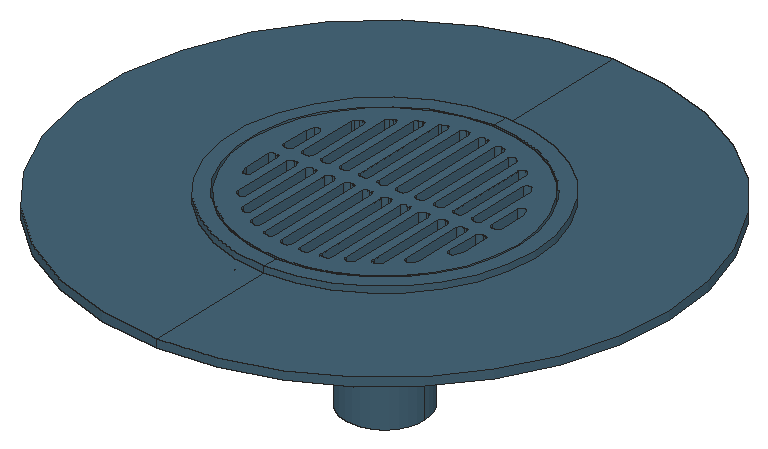
Revit family "Drain_Floor_Deck_9_Inch_Round-Zurn-Z530-Wide-Flange-Medium-Duty", category Plumbing Fixtures, Revit 2022
Family settings
  Round Connector Dimension = Use Radius
  Part Type = Normal
  OmniClass Number = 23.70.50.21.24.14
  OmniClass Title = Deck Waste Water Drains
  Work Plane-Based = No
  Always vertical = Yes
  Cut with Voids When Loaded = No
  Maintain Annotation Orientation = No
  Shared = No
  Room Calculation Point = No
Parameters (values of type "Load Family Type Catalog")
  Wide flange Deck Diameter = 9.000"
  Waste Connection = 1 = 1  # yes
  WFU = 0  # constant formula
  Vent Connection = 1 = 0  # no
  URL = "www.zurn.com"
  Type Comments = "Z530-2 Inch Inside Caulk Outlet"
  Top Diameter = 17.000"
  Product data URL = "https://www.bimobject.com/en-in/zurnindustries/product/zurn-z530"
  Product Page URL = "https://www.zurn.com/products/drainage-interceptors/floor-drains/finish-floor-drains/z530"
  Product Documentation Link = "https://files.zurn.com/spec-sheets/z530.pdf"
  Pipe Size_A Outer Diameter = 2.375"
  Modified Date = "12/19/2025"  # constant formula
  Model = "Z530"
  Manufacturer Brand = "Zurn"  # constant formula
  Manufacturer = "Zurn Water, LLC"  # constant formula
  Main Material = Iron - Zurn -Cast - Painted - Blue
  HWFU = 1  # constant formula
  HW Connection = 1 = 0  # no
  Grate Open Area Sq.in = 18.000"
  Description = "9 [229] MEDIUM-DUTY WIDE FLANGE DECK DRAIN"  # constant formula
  Date Created = "11/13/2018"  # constant formula
  CWFU = 0  # constant formula
  CW Connection = 1 = 0  # no
  Body Height_E = 5.500"
  Default Elevation = 20.000"  # constant formula
  Pipe Size_A Inside Diameter = 2.067"
  Connector Radius = Pipe Size_A Nominal Diameter / 2  # 1.000"
  Pipe Size_A Nominal Diameter = 2.000"
  Assembly Code = "D2030300"
  Approx. Wt. Lbs. = 49.000"
Reference planes (in)
  plane 1 "Center (Front/Back)": y = 0
  plane 2: z = 0
  plane 3 "Center (Left/Right)": x = 0
  plane 4: z = -3.08001
  plane 5: z = -0.1875
  plane 6: z = -0.1875
  plane 7: z = -5.6875
  plane 8: y = -7.5
  plane 9: y = 7.5
  plane 10: x = 6.25
  plane 11 "Outlet Plane_1": x = -1.1875
  plane 12 "outlet Plane_2": x = 1.1875
  plane 13: y = 5.4375
  plane 14: y = 5
  plane 15: y = 2.5
  plane 16: y = -2.5
  plane 17: y = -5
  plane 18: y = -6.25
  plane 19: y = 3.75
  plane 20: y = 6.25
  plane 21: y = -3.75
  plane 22: y = 1.25
  plane 23: y = -1.25
  plane 24: y = 1.1875
  plane 25: y = -1.1875
  plane 26: x = -6.25
  plane 27: x = -5
  plane 28: x = -2.5
  plane 29: x = 0
  plane 30: x = 1.25
  plane 31: x = 3.75
  plane 32: x = 5
  plane 33: x = 2.5
  plane 34: x = -3.75
  plane 35: x = -1.25
  plane 36: z = -0.4375
  plane 37: y = 8.5
  plane 38: y = 4.5
  plane 39: z = -0.875
  plane 40: z = -0.625
  plane 41: x = -3.25
  plane 42: x = -2.6875
  plane 43: x = -2.125
  plane 44: x = -2.9375
  plane 45: x = -2.375
  plane 46: x = -1.8125
  plane 47: x = -1.5625
  plane 48: x = -1.25
  plane 49: x = -1
  plane 50: x = -0.6875
  plane 51: x = -0.4375
  plane 52: x = -0.125
  plane 53: x = 0.125
  plane 54: x = 0.4375
  plane 55: x = 0.6875
  plane 56: x = 1
  plane 57: x = 1.25
  plane 58: x = 1.5625
  plane 59: x = 1.8125
  plane 60: x = 2.125
  plane 61: x = 2.375
  plane 62: x = 2.6875
  plane 63: x = 2.9375
  plane 64: x = 3.25
  plane 65: y = 0
  plane 66: y = 0
  plane 67: through (3.72382, -0.12233, 47.24409) normal (-0.9343, -0.3564, 0)
  plane 68: through (3.67716, 0, 47.24409) normal (0.9343, -0.3564, 0)
  plane 69: through (-3.04593, 1.65474, 47.24409) normal (0.9343, -0.3564, 0)
  plane 70: through (-3.05698, -1.62579, 47.24409) normal (-0.9343, -0.3564, 0)
  plane 71: x = -8.5
  plane 72: x = 8.5
  plane 73: x = -4.5
  plane 74: x = 4.5
Forms (in)
  Revolve 1, solid, material "Iron - Zurn -Cast - Painted - Blue" <- "Main Material", visible <- "Waste Connection", detail levels fine
    sketch origin (0, 0, 1.3125) x (0, 1, 0) y (0, 0, 1)
      loop
        line (1.3125, -4.39251) -> (3.3125, -4.39251)
        arc (3.3125, -4.39251) -> (3.84283, -4.17284) -> (4.0625, -3.64251) r 0.75
        line (4.0625, -3.64251) -> (4.0625, -2.32592)
        arc (4.0625, -2.32592) -> (4.09608, -2.24067) -> (4.17878, -2.20122) r 0.125
        line (4.17878, -2.20122) -> (4.375, -2.1875)
        arc (4.375, -2.1875) -> (4.46339, -2.15089) -> (4.5, -2.0625) r 0.125
        line (4.5, -2.0625) -> (4.5, -1.875)
        arc (4.5, -1.875) -> (4.53661, -1.78661) -> (4.625, -1.75) r 0.125
        line (4.625, -1.75) -> (8.5, -1.75) -> (8.5, -1.5) -> (4.5, -1.5) -> (4.5, -1.3125) -> (4.0625, -1.3125) -> (4.0625, -1.9375) -> (3.8125, -1.9375) -> (3.8125, -3.64251)
        arc (3.8125, -3.64251) -> (3.66605, -3.99606) -> (3.3125, -4.14251) r 0.5
        line (3.3125, -4.14251) -> (1, -4.14251) -> (1, -4.39251) -> (1.1875, -4.39251) -> (1.1875, -4.51751)
        arc (1.1875, -4.51751) -> (1.22411, -4.42912) -> (1.3125, -4.39251) r 0.125
      axis (0, -4.51751) -> (0, -1.3125)
    angle from 0 to 360
  Extrusion 2, solid, material "Iron - Zurn -Cast - Painted - Blue" <- "Main Material", visible <- "Waste Connection", detail levels fine
    sketch origin (-18.13183, -60, -5.6875) x (-1, 0, 0) y (0, -1, 0)
      loop
        circle (-18.13183, -60) r 1.1875
      loop
        circle (-18.13183, -60) r 1.0335
    from 0 to 2.60749
  Extrusion 3, solid, material "Iron - Zurn -Cast - Painted - Blue" <- "Main Material", visible <- "Waste Connection", detail levels fine
    sketch origin (0, 0, 0) x (1, 0, 0) y (0, 1, 0)
      loop
        circle (0, 0) r 4
    from 0 to -0.625
  Extrusion 4, void
    sketch origin (0, 0, 0) x (0, 1, 0) y (1, 0, 0)
      loop
        arc (3.30933, 0.125) -> (3.39579, 0.16597) -> (3.42795, 0.25607) r 0.125
        line (3.42795, 0.25607) -> (3.42307, 0.32176)
        arc (3.42307, 0.32176) -> (3.38403, 0.40359) -> (3.29995, 0.4375) r 0.125
        line (3.29995, 0.4375) -> (0.3125, 0.4375)
        arc (0.3125, 0.4375) -> (0.22411, 0.40089) -> (0.1875, 0.3125) r 0.125
        line (0.1875, 0.3125) -> (0.1875, 0.25)
        arc (0.1875, 0.25) -> (0.22411, 0.16161) -> (0.3125, 0.125) r 0.125
        line (0.3125, 0.125) -> (3.30933, 0.125)
      loop
        arc (3.21875, 0.6875) -> (3.30259, 0.71979) -> (3.34312, 0.79997) r 0.125
        line (3.34312, 0.79997) -> (3.3025, 0.95389)
        arc (3.3025, 0.95389) -> (3.26654, 0.98474) -> (3.22169, 1) r 0.125
        line (3.22169, 1) -> (0.3125, 1)
        arc (0.3125, 1) -> (0.22411, 0.96339) -> (0.1875, 0.875) r 0.125
        line (0.1875, 0.875) -> (0.1875, 0.8125)
        arc (0.1875, 0.8125) -> (0.22411, 0.72411) -> (0.3125, 0.6875) r 0.125
        line (0.3125, 0.6875) -> (3.21875, 0.6875)
      loop
        arc (3.01563, 1.25) -> (3.11451, 1.29854) -> (3.1366, 1.40647) r 0.125
        line (3.1366, 1.40647) -> (3.09775, 1.49014)
        arc (3.09775, 1.49014) -> (3.05162, 1.54287) -> (2.98438, 1.5625) r 0.125
        line (2.98438, 1.5625) -> (0.3125, 1.5625)
        arc (0.3125, 1.5625) -> (0.22411, 1.52589) -> (0.1875, 1.4375) r 0.125
        line (0.1875, 1.4375) -> (0.1875, 1.375)
        arc (0.1875, 1.375) -> (0.22411, 1.28661) -> (0.3125, 1.25) r 0.125
        line (0.3125, 1.25) -> (3.01563, 1.25)
      loop
        arc (2.6875, 1.8125) -> (2.79582, 1.87511) -> (2.79562, 2.00022) r 0.125
        line (2.79562, 2.00022) -> (2.74133, 2.07406)
        arc (2.74133, 2.07406) -> (2.69705, 2.11154) -> (2.64063, 2.125) r 0.125
        line (2.64063, 2.125) -> (0.3125, 2.125)
        arc (0.3125, 2.125) -> (0.22411, 2.08839) -> (0.1875, 2) r 0.125
        line (0.1875, 2) -> (0.1875, 1.9375)
        arc (0.1875, 1.9375) -> (0.22411, 1.84911) -> (0.3125, 1.8125) r 0.125
        line (0.3125, 1.8125) -> (2.6875, 1.8125)
      loop
        arc (2.17478, 2.375) -> (2.28976, 2.45452) -> (2.25911, 2.59091) r 0.125
        line (2.25911, 2.59091) -> (2.17282, 2.6637)
        arc (2.17282, 2.6637) -> (2.14056, 2.68061) -> (2.10479, 2.6875) r 0.125
        line (2.10479, 2.6875) -> (0.3125, 2.6875)
        arc (0.3125, 2.6875) -> (0.22411, 2.65089) -> (0.1875, 2.5625) r 0.125
        line (0.1875, 2.5625) -> (0.1875, 2.5)
        arc (0.1875, 2.5) -> (0.22411, 2.41161) -> (0.3125, 2.375) r 0.125
        line (0.3125, 2.375) -> (2.17478, 2.375)
      loop
        arc (1.26563, 2.9375) -> (1.38619, 3.02952) -> (1.32926, 3.17009) r 0.125
        line (1.32926, 3.17009) -> (1.11978, 3.25) -> (0.3125, 3.25)
        arc (0.3125, 3.25) -> (0.22411, 3.21339) -> (0.1875, 3.125) r 0.125
        line (0.1875, 3.125) -> (0.1875, 3.0625)
        arc (0.1875, 3.0625) -> (0.22411, 2.97411) -> (0.3125, 2.9375) r 0.125
        line (0.3125, 2.9375) -> (1.26563, 2.9375)
      loop
        line (3.30933, -0.125) -> (0.3125, -0.125)
        arc (0.3125, -0.125) -> (0.22411, -0.16161) -> (0.1875, -0.25) r 0.125
        line (0.1875, -0.25) -> (0.1875, -0.3125)
        arc (0.1875, -0.3125) -> (0.22411, -0.40089) -> (0.3125, -0.4375) r 0.125
        line (0.3125, -0.4375) -> (3.29995, -0.4375)
        arc (3.29995, -0.4375) -> (3.38403, -0.40359) -> (3.42307, -0.32176) r 0.125
        line (3.42307, -0.32176) -> (3.42795, -0.25607)
        arc (3.42795, -0.25607) -> (3.39579, -0.16597) -> (3.30933, -0.125) r 0.125
      loop
        line (3.21875, -0.6875) -> (0.3125, -0.6875)
        arc (0.3125, -0.6875) -> (0.22411, -0.72411) -> (0.1875, -0.8125) r 0.125
        line (0.1875, -0.8125) -> (0.1875, -0.875)
        arc (0.1875, -0.875) -> (0.22411, -0.96339) -> (0.3125, -1) r 0.125
        line (0.3125, -1) -> (3.22169, -1)
        arc (3.22169, -1) -> (3.26654, -0.98474) -> (3.3025, -0.95389) r 0.125
        line (3.3025, -0.95389) -> (3.34312, -0.79997)
        arc (3.34312, -0.79997) -> (3.30259, -0.71979) -> (3.21875, -0.6875) r 0.125
      loop
        line (3.01563, -1.25) -> (0.3125, -1.25)
        arc (0.3125, -1.25) -> (0.22411, -1.28661) -> (0.1875, -1.375) r 0.125
        line (0.1875, -1.375) -> (0.1875, -1.4375)
        arc (0.1875, -1.4375) -> (0.22411, -1.52589) -> (0.3125, -1.5625) r 0.125
        line (0.3125, -1.5625) -> (2.98438, -1.5625)
        arc (2.98438, -1.5625) -> (3.05162, -1.54287) -> (3.09775, -1.49014) r 0.125
        line (3.09775, -1.49014) -> (3.1366, -1.40647)
        arc (3.1366, -1.40647) -> (3.11451, -1.29854) -> (3.01563, -1.25) r 0.125
      loop
        line (2.6875, -1.8125) -> (0.3125, -1.8125)
        arc (0.3125, -1.8125) -> (0.22411, -1.84911) -> (0.1875, -1.9375) r 0.125
        line (0.1875, -1.9375) -> (0.1875, -2)
        arc (0.1875, -2) -> (0.22411, -2.08839) -> (0.3125, -2.125) r 0.125
        line (0.3125, -2.125) -> (2.64063, -2.125)
        arc (2.64063, -2.125) -> (2.69705, -2.11154) -> (2.74133, -2.07406) r 0.125
        line (2.74133, -2.07406) -> (2.79562, -2.00022)
        arc (2.79562, -2.00022) -> (2.79582, -1.87511) -> (2.6875, -1.8125) r 0.125
      loop
        line (2.17478, -2.375) -> (0.3125, -2.375)
        arc (0.3125, -2.375) -> (0.22411, -2.41161) -> (0.1875, -2.5) r 0.125
        line (0.1875, -2.5) -> (0.1875, -2.5625)
        arc (0.1875, -2.5625) -> (0.22411, -2.65089) -> (0.3125, -2.6875) r 0.125
        line (0.3125, -2.6875) -> (2.10479, -2.6875)
        arc (2.10479, -2.6875) -> (2.14056, -2.68061) -> (2.17282, -2.6637) r 0.125
        line (2.17282, -2.6637) -> (2.25911, -2.59091)
        arc (2.25911, -2.59091) -> (2.28976, -2.45452) -> (2.17478, -2.375) r 0.125
      loop
        line (1.26563, -2.9375) -> (0.3125, -2.9375)
        arc (0.3125, -2.9375) -> (0.22411, -2.97411) -> (0.1875, -3.0625) r 0.125
        line (0.1875, -3.0625) -> (0.1875, -3.125)
        arc (0.1875, -3.125) -> (0.22411, -3.21339) -> (0.3125, -3.25) r 0.125
        line (0.3125, -3.25) -> (1.11978, -3.25) -> (1.32926, -3.17009)
        arc (1.32926, -3.17009) -> (1.38619, -3.02952) -> (1.26563, -2.9375) r 0.125
      loop
        line (-3.30933, 0.125) -> (-0.3125, 0.125)
        arc (-0.3125, 0.125) -> (-0.22411, 0.16161) -> (-0.1875, 0.25) r 0.125
        line (-0.1875, 0.25) -> (-0.1875, 0.3125)
        arc (-0.1875, 0.3125) -> (-0.22411, 0.40089) -> (-0.3125, 0.4375) r 0.125
        line (-0.3125, 0.4375) -> (-3.29995, 0.4375)
        arc (-3.29995, 0.4375) -> (-3.38403, 0.40359) -> (-3.42307, 0.32176) r 0.125
        line (-3.42307, 0.32176) -> (-3.42795, 0.25607)
        arc (-3.42795, 0.25607) -> (-3.39579, 0.16597) -> (-3.30933, 0.125) r 0.125
      loop
        line (-3.21875, 0.6875) -> (-0.3125, 0.6875)
        arc (-0.3125, 0.6875) -> (-0.22411, 0.72411) -> (-0.1875, 0.8125) r 0.125
        line (-0.1875, 0.8125) -> (-0.1875, 0.875)
        arc (-0.1875, 0.875) -> (-0.22411, 0.96339) -> (-0.3125, 1) r 0.125
        line (-0.3125, 1) -> (-3.22169, 1)
        arc (-3.22169, 1) -> (-3.26654, 0.98474) -> (-3.3025, 0.95389) r 0.125
        line (-3.3025, 0.95389) -> (-3.34312, 0.79997)
        arc (-3.34312, 0.79997) -> (-3.30259, 0.71979) -> (-3.21875, 0.6875) r 0.125
      loop
        line (-3.01563, 1.25) -> (-0.3125, 1.25)
        arc (-0.3125, 1.25) -> (-0.22411, 1.28661) -> (-0.1875, 1.375) r 0.125
        line (-0.1875, 1.375) -> (-0.1875, 1.4375)
        arc (-0.1875, 1.4375) -> (-0.22411, 1.52589) -> (-0.3125, 1.5625) r 0.125
        line (-0.3125, 1.5625) -> (-2.98438, 1.5625)
        arc (-2.98438, 1.5625) -> (-3.05162, 1.54287) -> (-3.09775, 1.49014) r 0.125
        line (-3.09775, 1.49014) -> (-3.1366, 1.40647)
        arc (-3.1366, 1.40647) -> (-3.11451, 1.29854) -> (-3.01563, 1.25) r 0.125
      loop
        line (-2.6875, 1.8125) -> (-0.3125, 1.8125)
        arc (-0.3125, 1.8125) -> (-0.22411, 1.84911) -> (-0.1875, 1.9375) r 0.125
        line (-0.1875, 1.9375) -> (-0.1875, 2)
        arc (-0.1875, 2) -> (-0.22411, 2.08839) -> (-0.3125, 2.125) r 0.125
        line (-0.3125, 2.125) -> (-2.64063, 2.125)
        arc (-2.64063, 2.125) -> (-2.69705, 2.11154) -> (-2.74133, 2.07406) r 0.125
        line (-2.74133, 2.07406) -> (-2.79562, 2.00022)
        arc (-2.79562, 2.00022) -> (-2.79582, 1.87511) -> (-2.6875, 1.8125) r 0.125
      loop
        line (-2.17478, 2.375) -> (-0.3125, 2.375)
        arc (-0.3125, 2.375) -> (-0.22411, 2.41161) -> (-0.1875, 2.5) r 0.125
        line (-0.1875, 2.5) -> (-0.1875, 2.5625)
        arc (-0.1875, 2.5625) -> (-0.22411, 2.65089) -> (-0.3125, 2.6875) r 0.125
        line (-0.3125, 2.6875) -> (-2.10479, 2.6875)
        arc (-2.10479, 2.6875) -> (-2.14056, 2.68061) -> (-2.17282, 2.6637) r 0.125
        line (-2.17282, 2.6637) -> (-2.25911, 2.59091)
        arc (-2.25911, 2.59091) -> (-2.28976, 2.45452) -> (-2.17478, 2.375) r 0.125
      loop
        line (-1.26563, 2.9375) -> (-0.3125, 2.9375)
        arc (-0.3125, 2.9375) -> (-0.22411, 2.97411) -> (-0.1875, 3.0625) r 0.125
        line (-0.1875, 3.0625) -> (-0.1875, 3.125)
        arc (-0.1875, 3.125) -> (-0.22411, 3.21339) -> (-0.3125, 3.25) r 0.125
        line (-0.3125, 3.25) -> (-1.11978, 3.25) -> (-1.32926, 3.17009)
        arc (-1.32926, 3.17009) -> (-1.38619, 3.02952) -> (-1.26563, 2.9375) r 0.125
      loop
        arc (-3.30933, -0.125) -> (-3.39579, -0.16597) -> (-3.42795, -0.25607) r 0.125
        line (-3.42795, -0.25607) -> (-3.42307, -0.32176)
        arc (-3.42307, -0.32176) -> (-3.38403, -0.40359) -> (-3.29995, -0.4375) r 0.125
        line (-3.29995, -0.4375) -> (-0.3125, -0.4375)
        arc (-0.3125, -0.4375) -> (-0.22411, -0.40089) -> (-0.1875, -0.3125) r 0.125
        line (-0.1875, -0.3125) -> (-0.1875, -0.25)
        arc (-0.1875, -0.25) -> (-0.22411, -0.16161) -> (-0.3125, -0.125) r 0.125
        line (-0.3125, -0.125) -> (-3.30933, -0.125)
      loop
        arc (-3.21875, -0.6875) -> (-3.30259, -0.71979) -> (-3.34312, -0.79997) r 0.125
        line (-3.34312, -0.79997) -> (-3.3025, -0.95389)
        arc (-3.3025, -0.95389) -> (-3.26654, -0.98474) -> (-3.22169, -1) r 0.125
        line (-3.22169, -1) -> (-0.3125, -1)
        arc (-0.3125, -1) -> (-0.22411, -0.96339) -> (-0.1875, -0.875) r 0.125
        line (-0.1875, -0.875) -> (-0.1875, -0.8125)
        arc (-0.1875, -0.8125) -> (-0.22411, -0.72411) -> (-0.3125, -0.6875) r 0.125
        line (-0.3125, -0.6875) -> (-3.21875, -0.6875)
      loop
        arc (-3.01563, -1.25) -> (-3.11451, -1.29854) -> (-3.1366, -1.40647) r 0.125
        line (-3.1366, -1.40647) -> (-3.09775, -1.49014)
        arc (-3.09775, -1.49014) -> (-3.05162, -1.54287) -> (-2.98438, -1.5625) r 0.125
        line (-2.98438, -1.5625) -> (-0.3125, -1.5625)
        arc (-0.3125, -1.5625) -> (-0.22411, -1.52589) -> (-0.1875, -1.4375) r 0.125
        line (-0.1875, -1.4375) -> (-0.1875, -1.375)
        arc (-0.1875, -1.375) -> (-0.22411, -1.28661) -> (-0.3125, -1.25) r 0.125
        line (-0.3125, -1.25) -> (-3.01563, -1.25)
      loop
        arc (-2.6875, -1.8125) -> (-2.79582, -1.87511) -> (-2.79562, -2.00022) r 0.125
        line (-2.79562, -2.00022) -> (-2.74133, -2.07406)
        arc (-2.74133, -2.07406) -> (-2.69705, -2.11154) -> (-2.64063, -2.125) r 0.125
        line (-2.64063, -2.125) -> (-0.3125, -2.125)
        arc (-0.3125, -2.125) -> (-0.22411, -2.08839) -> (-0.1875, -2) r 0.125
        line (-0.1875, -2) -> (-0.1875, -1.9375)
        arc (-0.1875, -1.9375) -> (-0.22411, -1.84911) -> (-0.3125, -1.8125) r 0.125
        line (-0.3125, -1.8125) -> (-2.6875, -1.8125)
      loop
        arc (-2.17478, -2.375) -> (-2.28976, -2.45452) -> (-2.25911, -2.59091) r 0.125
        line (-2.25911, -2.59091) -> (-2.17282, -2.6637)
        arc (-2.17282, -2.6637) -> (-2.14056, -2.68061) -> (-2.10479, -2.6875) r 0.125
        line (-2.10479, -2.6875) -> (-0.3125, -2.6875)
        arc (-0.3125, -2.6875) -> (-0.22411, -2.65089) -> (-0.1875, -2.5625) r 0.125
        line (-0.1875, -2.5625) -> (-0.1875, -2.5)
        arc (-0.1875, -2.5) -> (-0.22411, -2.41161) -> (-0.3125, -2.375) r 0.125
        line (-0.3125, -2.375) -> (-2.17478, -2.375)
      loop
        arc (-1.26563, -2.9375) -> (-1.38619, -3.02952) -> (-1.32926, -3.17009) r 0.125
        line (-1.32926, -3.17009) -> (-1.11978, -3.25) -> (-0.3125, -3.25)
        arc (-0.3125, -3.25) -> (-0.22411, -3.21339) -> (-0.1875, -3.125) r 0.125
        line (-0.1875, -3.125) -> (-0.1875, -3.0625)
        arc (-0.1875, -3.0625) -> (-0.22411, -2.97411) -> (-0.3125, -2.9375) r 0.125
        line (-0.3125, -2.9375) -> (-1.26563, -2.9375)
    from 0 to 0.625
Cuts and joins
  Extrusion 4 cuts Revolve 1
  Extrusion 4 cuts Extrusion 2
  Extrusion 4 cuts Extrusion 3
Lines and regions (in)
  Masking region 1, detail levels fine
    outline origin (0, 0, 0) x (1, 0, 0) y (0, 1, 0)
      loop
        circle (0, 0) r 8.5
  model lines, detail levels coarse+medium
    curve 1: line (0, 0, 0) -> (0, 0, -5.6875)
    curve 2: line (-1.1875, 0, -5.6875) -> (1.1875, 0, -5.6875)
    curve 3: line (0, 1.1875, -5.6875) -> (0, -1.1875, -5.6875)
    curve 4: circle (0, 0, 0) r 4 normal (0, 0, 1)
    curve 5: circle (0, 0, 0) r 4.5 normal (0, 0, 1)
    curve 6: line (-1.39194, 3.75, 0) -> (1.39194, 3.75, 0)
    curve 7: line (-3.1225, 2.5, 0) -> (3.1225, 2.5, 0)
    curve 8: line (-3.79967, 1.25, 0) -> (3.79967, 1.25, 0)
    curve 9: line (4, 0, 0) -> (-4, 0, 0)
    curve 10: line (-3.79967, -1.25, 0) -> (3.79967, -1.25, 0)
    curve 11: line (-3.1225, -2.5, 0) -> (3.1225, -2.5, 0)
    curve 12: line (-1.39194, -3.75, 0) -> (1.39194, -3.75, 0)
    curve 13: line (-3.75, 1.39194, 0) -> (-3.75, -1.39194, 0)
    curve 14: line (-2.5, 3.1225, 0) -> (-2.5, -3.1225, 0)
    curve 15: line (-1.25, 3.79967, 0) -> (-1.25, -3.79967, 0)
    curve 16: line (0, -4, 0) -> (0, 4, 0)
    curve 17: line (1.25, 3.79967, 0) -> (1.25, -3.79967, 0)
    curve 18: line (2.5, 3.1225, 0) -> (2.5, -3.1225, 0)
    curve 19: line (3.75, 1.39194, 0) -> (3.75, -1.39194, 0)
Dimensions and locks (in)
  locked: level to plane 4 at 3.08001
  "Body Height_E": plane 6 to plane 7
  curve 1 to Revolve 1 sketch curve = 1.000"
  equal spacing: plane 11 "Outlet Plane_1", plane 3 "Center (Left/Right)", plane 12 "outlet Plane_2"
  "Pipe Size_A Outer Diameter": plane 11 "Outlet Plane_1" to plane 12 "outlet Plane_2"
  equal spacing: plane 9, plane 20, plane 14, plane 19, plane 15, plane 22, plane 1 "Center (Front/Back)", plane 23, plane 16, plane 21, plane 17, plane 18, plane 8, locked at 1.25 each
  equal spacing: plane 25, plane 1 "Center (Front/Back)", plane 24
  "Pipe Size_A Outer Diameter": plane 25 to plane 24
  plane 26 to plane 27 to plane 34 to plane 28 to plane 35 to plane 29 to plane 30 to plane 33 to plane 31 to plane 32 to plane 10 = 1.250", 1.250", 1.250", 1.250", 1.250", 1.250", 1.250", 1.250", 1.250", 1.250"
  locked: plane 6 to plane 36 at 0.25
  locked: plane 37 to curve 1 at 8.5
  locked: plane 38 to curve 1 at 4.5
  locked: Revolve 1 sketch curve to Revolve 1 sketch curve at 0.1875
  locked: Revolve 1 sketch curve to Revolve 1 sketch curve at 0.4375
  locked: Revolve 1 sketch curve to curve 1 at 4.0625  (x2)
  locked: Revolve 1 sketch curve to Revolve 1 sketch curve at 0.625
  locked: Revolve 1 sketch curve to Revolve 1 sketch curve at 0.25  (x2)
  locked: plane 39 to Revolve 1 sketch curve at 0.875
  Revolve 1 sketch curve to curve 1 = 3.8125"
  Revolve 1 sketch curve to Revolve 1 sketch curve = 0.250"
  Revolve 1 sketch curve to curve 1 = 1.000"
  locked: Revolve 1 to Revolve 1 at 0.1875
  locked: level to plane 40 at 0.625
  locked: Extrusion 4 sketch curve to Extrusion 4 sketch curve at 0.3125
  locked: plane 41 to plane 29 at 3.25
  locked: plane 29 to plane 64 at 3.25
  "Top Diameter": plane 71 to plane 72
  "Wide flange Deck Diameter": plane 73 to plane 74
  "Pipe Size_A Outer Diameter": diameter of Extrusion 2 sketch curve
  "Pipe Size_A Inside Diameter": diameter of Extrusion 2 sketch curve
  radius of Revolve 1 sketch curve = 0.125"  (x2)
  radius of Revolve 1 sketch curve = 0.500"
  radius of Revolve 1 sketch curve = 0.750"
  diameter of Extrusion 3 sketch curve = 8.000"
  "Top Diameter": diameter of Masking region 1 sketch curve
  locked: Revolve 1 sketch curve to plane 39 (angle 4.00°)
  locked: plane 1 "Center (Front/Back)" to plane 67 (angle 110.88°)
  locked: plane 68 to plane 1 "Center (Front/Back)" (angle 110.88°)
  locked: plane 69 to plane 1 "Center (Front/Back)" (angle 110.88°)
  locked: plane 1 "Center (Front/Back)" to plane 70 (angle 110.88°)
  aligned and locked: level to plane 2
  aligned and locked: level to curve 1
  aligned and locked: plane 4 to Extrusion 2
  aligned and locked: plane 11 "Outlet Plane_1" to curve 2
  aligned and locked: plane 12 "outlet Plane_2" to curve 2
  aligned and locked: plane 1 "Center (Front/Back)" to curve 2
  aligned and locked: plane 24 to curve 3
  aligned and locked: plane 25 to curve 3
  aligned and locked: curve 3 to plane 3 "Center (Left/Right)"
  aligned and locked: Revolve 1 sketch curve to plane 36
  aligned and locked: plane 37 to Revolve 1 sketch curve
  aligned and locked: plane 38 to Revolve 1 sketch curve
  aligned and locked: Revolve 1 sketch curve to plane 38
  aligned and locked: plane 4 to Revolve 1 sketch curve  (x2)
  aligned and locked: plane 1 "Center (Front/Back)" to Extrusion 3 sketch curve
  aligned and locked: plane 29 to Extrusion 3 sketch curve
  aligned and locked: level to Extrusion 3
  aligned and locked: Extrusion 3 to Revolve 1
  aligned and locked: Extrusion 4 to Revolve 1
  aligned and locked: level to Extrusion 4
  aligned and locked: plane 40 to Extrusion 4
  aligned and locked: plane 41 to Extrusion 4 sketch curve  (x2)
  aligned and locked: plane 43 to cut or joined group of Extrusion 3, Extrusion 4
  aligned and locked: Extrusion 4 sketch curve to plane 42
  aligned and locked: plane 42 to Extrusion 4 sketch curve
  aligned and locked: plane 43 to Extrusion 4 sketch curve
  aligned and locked: Extrusion 4 sketch curve to plane 44
  aligned and locked: plane 44 to Extrusion 4 sketch curve
  aligned and locked: plane 45 to Extrusion 4 sketch curve
  aligned and locked: Extrusion 4 sketch curve to plane 46
  aligned and locked: plane 46 to Extrusion 4 sketch curve
  aligned and locked: Extrusion 4 sketch curve to plane 47
  aligned and locked: plane 47 to Extrusion 4 sketch curve
  aligned and locked: plane 48 to Extrusion 4 sketch curve
  aligned and locked: Extrusion 4 sketch curve to plane 49
  aligned and locked: Extrusion 4 sketch curve to plane 50
  aligned and locked: Extrusion 4 sketch curve to plane 51
  aligned and locked: plane 51 to Extrusion 4 sketch curve
  aligned and locked: plane 52 to Extrusion 4 sketch curve
  aligned and locked: plane 53 to Extrusion 4 sketch curve
  aligned and locked: plane 54 to Extrusion 4 sketch curve
  aligned and locked: plane 55 to Extrusion 4 sketch curve
  aligned and locked: Extrusion 4 sketch curve to plane 56
  aligned and locked: plane 56 to Extrusion 4 sketch curve
  aligned and locked: plane 57 to Extrusion 4 sketch curve
  aligned and locked: Extrusion 4 sketch curve to plane 58
  aligned and locked: plane 58 to Extrusion 4 sketch curve
  aligned and locked: Extrusion 4 sketch curve to plane 59
  aligned and locked: plane 59 to Extrusion 4 sketch curve
  aligned and locked: Extrusion 4 sketch curve to plane 60
  aligned and locked: plane 60 to Extrusion 4 sketch curve
  aligned and locked: Extrusion 4 sketch curve to plane 61
  aligned and locked: plane 61 to Extrusion 4 sketch curve
  aligned and locked: plane 62 to Extrusion 4 sketch curve
  aligned and locked: Extrusion 4 sketch curve to plane 62
  aligned and locked: Extrusion 4 sketch curve to plane 63
  aligned and locked: plane 63 to Extrusion 4 sketch curve
  aligned and locked: Extrusion 4 sketch curve to plane 64
  aligned and locked: plane 64 to Extrusion 4 sketch curve
  aligned and locked: Extrusion 2 to curve 1
  aligned and locked: Extrusion 2 to plane 7
  aligned and locked: Extrusion 2 to curve 2
  aligned and locked: plane 65 to Extrusion 2 sketch curve
  aligned and locked: plane 29 to Extrusion 2 sketch curve  (x2)
  aligned and locked: plane 66 to Extrusion 2 sketch curve
  aligned and locked: curve 6 to plane 19
  aligned and locked: curve 7 to plane 15
  aligned and locked: curve 8 to plane 22
  aligned and locked: curve 9 to cut or joined group of Extrusion 3, Extrusion 4
  aligned and locked: curve 10 to plane 23
  aligned and locked: curve 11 to plane 16
  aligned and locked: curve 12 to plane 21
  aligned and locked: curve 13 to plane 34
  aligned and locked: curve 14 to plane 28
  aligned and locked: curve 15 to plane 35
  aligned and locked: plane 3 "Center (Left/Right)" to curve 16
  aligned and locked: curve 17 to plane 30
  aligned and locked: curve 18 to plane 33
  aligned and locked: curve 19 to plane 31
  aligned and locked: plane 1 "Center (Front/Back)" to Masking region 1 sketch curve
  aligned and locked: plane 29 to Masking region 1 sketch curve
  aligned and locked: plane 67 to Extrusion 4 sketch curve
  aligned and locked: plane 68 to Extrusion 4 sketch curve
  aligned and locked: plane 69 to Extrusion 4 sketch curve
  aligned and locked: plane 70 to Extrusion 4 sketch curve
Automatic sketch dimensions
  curve 1 to plane 1 "Center (Front/Back)" = 0.000"
  plane 7 to curve 1 = 0.000"
  Extrusion 4 sketch curve to plane 49 = 0.000"
  Extrusion 4 sketch curve to plane 50 = 0.000"
  Extrusion 4 sketch curve to plane 28 = 0.000"  (x2)
  Extrusion 4 sketch curve to plane 33 = 0.000"  (x2)
  Extrusion 4 sketch curve to plane 53 = 0.000"
  Extrusion 4 sketch curve to plane 45 = 0.000"
  Extrusion 4 sketch curve to plane 43 = 0.000"
  Extrusion 4 sketch curve to plane 30 = 0.000"
  Extrusion 4 sketch curve to plane 55 = 0.000"
  Extrusion 4 sketch curve to plane 35 = 0.000"
  Extrusion 4 sketch curve to plane 52 = 0.000"
  Extrusion 4 sketch curve to plane 52 = 0.13107"  (x2)
  plane 21 to Extrusion 4 sketch curve = 0.32205"  (x2)
  plane 53 to Extrusion 4 sketch curve = 0.13107"  (x2)
  Extrusion 4 sketch curve to plane 54 = 0.11574"  (x2)
  Extrusion 4 sketch curve to Extrusion 4 sketch curve = 0.00488"  (x2)
  plane 51 to Extrusion 4 sketch curve = 0.11574"  (x2)
  Extrusion 4 sketch curve to plane 50 = 0.11247"  (x2)
  plane 21 to Extrusion 4 sketch curve = 0.40688"  (x2)
  plane 55 to Extrusion 4 sketch curve = 0.11247"  (x2)
  Extrusion 4 sketch curve to Extrusion 4 sketch curve = 0.11862"  (x2)
  plane 53 to Extrusion 4 sketch curve = 0.12484"
  Extrusion 4 sketch curve to plane 52 = 0.12484"
  Extrusion 4 sketch curve to plane 56 = 0.04611"  (x2)
  Extrusion 4 sketch curve to Extrusion 4 sketch curve = 0.04062"  (x2)
  plane 49 to Extrusion 4 sketch curve = 0.04611"  (x2)
  Extrusion 4 sketch curve to Extrusion 4 sketch curve = 0.12312"  (x2)
  Extrusion 4 sketch curve to Extrusion 4 sketch curve = 0.08081"  (x2)
  Extrusion 4 sketch curve to Extrusion 4 sketch curve = 0.12437"  (x4)
  Extrusion 4 sketch curve to Extrusion 4 sketch curve = 0.01415"  (x4)
  Extrusion 4 sketch curve to plane 58 = 0.15603"
  Extrusion 4 sketch curve to Extrusion 4 sketch curve = 0.08509"  (x2)
  plane 47 to Extrusion 4 sketch curve = 0.15603"
  plane 47 to Extrusion 4 sketch curve = 0.07236"  (x2)
  Extrusion 4 sketch curve to Extrusion 4 sketch curve = 0.03885"  (x2)
  Extrusion 4 sketch curve to plane 58 = 0.07236"  (x2)
  Extrusion 4 sketch curve to Extrusion 4 sketch curve = 0.03125"  (x4)
  Extrusion 4 sketch curve to plane 16 = 0.29562"  (x2)
  plane 43 to Extrusion 4 sketch curve = 0.05094"  (x2)
  Extrusion 4 sketch curve to Extrusion 4 sketch curve = 0.0543"  (x2)
  Extrusion 4 sketch curve to plane 60 = 0.05094"  (x2)
  Extrusion 4 sketch curve to Extrusion 4 sketch curve = 0.10812"
  Extrusion 4 sketch curve to plane 16 = 0.1875"
  Extrusion 4 sketch curve to Extrusion 4 sketch curve = 0.1007"  (x4)
  Extrusion 4 sketch curve to plane 28 = 0.09091"  (x2)
  plane 16 to Extrusion 4 sketch curve = 0.24089"  (x2)
  plane 33 to Extrusion 4 sketch curve = 0.09091"  (x2)
  Extrusion 4 sketch curve to Extrusion 4 sketch curve = 0.08433"  (x2)
  Extrusion 4 sketch curve to plane 33 = 0.00001"  (x2)
  plane 28 to Extrusion 4 sketch curve = 0.00001"  (x2)
  Extrusion 4 sketch curve to plane 62 = 0.0238"  (x2)
  Extrusion 4 sketch curve to Extrusion 4 sketch curve = 0.08629"  (x2)
  plane 42 to Extrusion 4 sketch curve = 0.0238"  (x2)
  Extrusion 4 sketch curve to Extrusion 4 sketch curve = 0.06803"  (x2)
  Extrusion 4 sketch curve to plane 28 = 0.06262"  (x2)
  plane 33 to Extrusion 4 sketch curve = 0.06262"  (x2)
  Extrusion 4 sketch curve to plane 23 = 0.07926"  (x2)
  Extrusion 4 sketch curve to plane 23 = 0.01562"  (x2)
  Extrusion 4 sketch curve to plane 64 = 0.125"
  plane 1 "Center (Front/Back)" to Extrusion 4 sketch curve = 0.3125"  (x4)
  Extrusion 4 sketch curve to plane 52 = 0.125"
  Extrusion 4 sketch curve to Extrusion 4 sketch curve = 0.000"  (x23)
  Extrusion 4 sketch curve to Extrusion 4 sketch curve = 0.125"  (x20)
  plane 53 to Extrusion 4 sketch curve = 0.125"  (x2)
  plane 55 to Extrusion 4 sketch curve = 0.125"
  plane 59 to Extrusion 4 sketch curve = 0.125"
  Extrusion 4 sketch curve to plane 41 = 0.125"
  Extrusion 4 sketch curve to plane 1 "Center (Front/Back)" = 0.1875"  (x12)
  Extrusion 4 sketch curve to plane 28 = 0.0625"
  plane 33 to Extrusion 4 sketch curve = 0.0625"
  plane 22 to Extrusion 4 sketch curve = 0.01563"  (x2)
  plane 22 to Extrusion 4 sketch curve = 0.07926"  (x2)
  Extrusion 4 sketch curve to plane 15 = 0.40073"  (x2)
  Extrusion 4 sketch curve to Extrusion 4 sketch curve = 0.00552"  (x2)
  Extrusion 4 sketch curve to Extrusion 4 sketch curve = 0.07406"  (x2)
  Extrusion 4 sketch curve to Extrusion 4 sketch curve = 0.00145"  (x2)
  plane 15 to Extrusion 4 sketch curve = 0.14063"  (x2)
  plane 15 to Extrusion 4 sketch curve = 0.1875"
  Extrusion 4 sketch curve to Extrusion 4 sketch curve = 0.04687"
  plane 43 to Extrusion 4 sketch curve = 0.12478"
  Extrusion 4 sketch curve to plane 60 = 0.12478"
  plane 47 to Extrusion 4 sketch curve = 0.125"
  Extrusion 4 sketch curve to Extrusion 4 sketch curve = 0.29688"  (x2)
  Extrusion 4 sketch curve to plane 58 = 0.125"
  Extrusion 4 sketch curve to plane 35 = 0.15647"
  plane 30 to Extrusion 4 sketch curve = 0.15647"
  Extrusion 4 sketch curve to plane 56 = 0.12383"
  Extrusion 4 sketch curve to Extrusion 4 sketch curve = 0.18897"  (x2)
  plane 49 to Extrusion 4 sketch curve = 0.12383"
  Extrusion 4 sketch curve to Extrusion 4 sketch curve = 0.0171"  (x2)
  plane 51 to Extrusion 4 sketch curve = 0.12499"
  Extrusion 4 sketch curve to Extrusion 4 sketch curve = 0.07966"  (x2)
  Extrusion 4 sketch curve to plane 54 = 0.12499"
  Extrusion 4 sketch curve to Extrusion 4 sketch curve = 0.00154"  (x2)
  Extrusion 4 sketch curve to Extrusion 4 sketch curve = 0.00469"  (x2)
  Extrusion 4 sketch curve to Extrusion 4 sketch curve = 0.00623"  (x2)
  Revolve 1 sketch curve to plane 1 "Center (Front/Back)" = 0.000"
  Revolve 1 sketch curve to plane 39 = 0.000"
  plane 22 to Revolve 1 sketch curve = 0.0625"
  Revolve 1 sketch curve to plane 39 = 0.01372"
  Revolve 1 sketch curve to Revolve 1 sketch curve = 0.11628"
  Revolve 1 sketch curve to plane 39 = 0.1334"
  level to Revolve 1 sketch curve = 3.7416"
  Revolve 1 sketch curve to plane 22 = 0.0625"
  curve 4 to curve 5 = 0.000"  (x2)
  plane 1 "Center (Front/Back)" to curve 4 = 0.000"
  curve 4 to plane 3 "Center (Left/Right)" = 0.000"
  curve 8 to plane 34 = 0.04967"
  curve 6 to plane 35 = 0.14194"
  plane 30 to curve 6 = 0.14194"
  radius of curve 5 = 4.500"
Connectors (in)
  piping at (0, 0, -5.6875), diameter 2, driven by "Connector Radius", driven by "Waste Connection"
    settings: on Extrusion 2, index 1, connector inside diameter 609.6 mm, connector length 0.000", flow factor 0, pipe flow 0.0 L/s, pressure drop 0.0 Pa, fitting loss kfactor 0, connector angle 0.00°, fixture units 0, engagement length 0.000", angle of deflection 0.00°, flow configuration 0, flow direction 2, fitting loss method 0, system type 16, joint type 0, gender type 0, connector reference index -1, connector utility 1, adjustable connector no, is connector primary yes, connector description "Sanitary Outlet"
Types in the file's own list only (9): name | Wide flange Deck Diameter | Type Comments | Top Diameter | Pipe Size_A Outer Diameter | Grate Open Area Sq.in | Body Height_E | Default Elevation | Pipe Size_A Inside Diameter | Connector Radius | Pipe Size_A Nominal Diameter | Approx. Wt. Lbs.
  Z530-2IC | 9.000 " | "Z530-2 Inch Inside Caulk Outlet" | 17.000 " | 2.375 " | 18.000 " | 5.500 " | 20.000 " | 2.067 " | 1.000 " | 2.000 " | 49.000 "
  Z530-3IC | 9.000 " | "Z530-3 Inch Inside Caulk Outlet" | 17.000 " | 3.500 " | 18.000 " | 5.500 " | 20.000 " | 3.068 " | 1.500 " | 3.000 " | 49.000 "
  Z530-4IC | 9.000 " | "Z530-4 Inch Inside Caulk Outlet" | 17.000 " | 4.500 " | 18.000 " | 5.500 " | 20.000 " | 4.026 " | 2.000 " | 4.000 " | 49.000 "
  Z530-2IP | 9.000 " | "Z530-2 Inch Threaded Outlet" | 17.000 " | 2.375 " | 18.000 " | 4.000 " | 20.000 " | 2.067 " | 1.000 " | 2.000 " | 49.000 "
  Z530-3IP | 9.000 " | "Z530-3 Inch Threaded Outlet" | 17.000 " | 3.500 " | 18.000 " | 4.000 " | 20.000 " | 3.068 " | 1.500 " | 3.000 " | 49.000 "
  Z530-4IP | 9.000 " | "Z530-4 Inch Threaded Outlet" | 17.000 " | 4.500 " | 18.000 " | 4.000 " | 20.000 " | 4.026 " | 2.000 " | 4.000 " | 49.000 "
  Z530-2NL | 9.000 " | "Z530-2 Inch Neo-Loc Outlet" | 17.000 " | 2.375 " | 18.000 " | 4.750 " | 20.000 " | 2.067 " | 1.000 " | 2.000 " | 49.000 "
  Z530-3NL | 9.000 " | "Z530-3 Inch Neo-Loc Outlet" | 17.000 " | 3.500 " | 18.000 " | 4.750 " | 20.000 " | 3.068 " | 1.500 " | 3.000 " | 49.000 "
  Z530-4NL | 9.000 " | "Z530-4 Inch Neo-Loc Outlet" | 17.000 " | 4.500 " | 18.000 " | 4.750 " | 20.000 " | 4.026 " | 2.000 " | 4.000 " | 49.000 "
